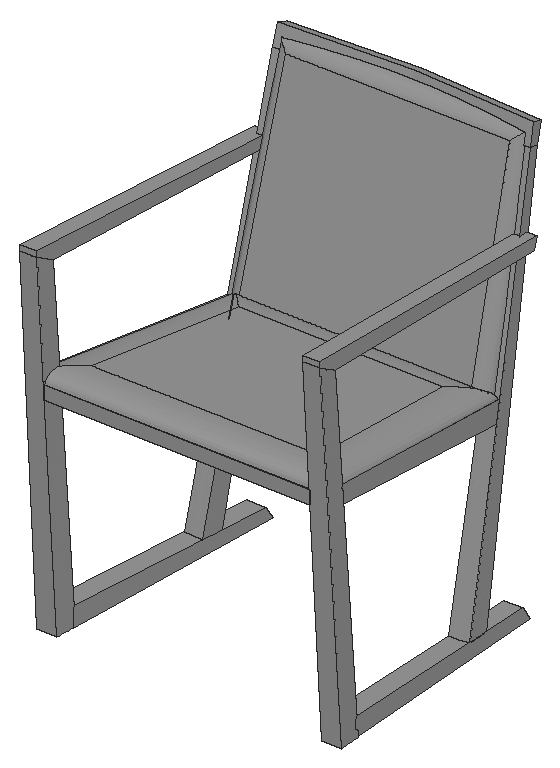
Revit family "Andreu World_Serena_ SO1346", category Mobiliario, Revit 2014
Parameters
  Wood V = Andreu World Oak Vertical
  Wood H = Andreu World Oak Horizontal
  Width = 565 mm
  Upholstery = Andreu World Fabric
  URL = "http://www.andreuworld.com"
  Seat Height = 450 mm
  Referencia = "SO-1346"  # constant formula
  Modelo = "Serena"  # constant formula
  Height = 800 mm
  Fabricante = "Andreu World"  # constant formula
  Descripción = "Armchair with upholstered seat and back and solid oak wood frame."  # constant formula
  Depth = 570 mm
  Arms Height = 655 mm
Reference planes
  plane 1 "Centro (Frontal/Posterior)": y = 0
  plane 2: z = 0
  plane 3 "Centro (Izquierda/Derecha)": x = 0
  plane 4: y = 285
  plane 5: x = -282.5
  plane 6: x = 282.5
  plane 7: y = -285
  plane 8: z = 450
  plane 9: z = 800
  plane 10: z = 655
  plane 11 "01": through (4267.2, -269.6, 428.322) normal (0, 0.1045, 0.9945)
  plane 12 "02": through (4267.2, 158.914, 350.743) normal (0, -0.9659, 0.2588)
Forms (mm)
  Blend 1, solid, material "Andreu World Oak Horizontal" <- "Wood H", detail levels medium+fine
    base sketch origin (0, 0, 0) x (1, 0, 0) y (0, 0, 1)
      loop
        line (-278.357, 36) -> (-278.357, 0) -> (-241.357, 0) -> (-241.357, 36) -> (-278.357, 36)
    top sketch origin (0, 0, 0) x (1, 0, 0) y (0, 0, 1)
      loop
        line (-253.32, 24) -> (-253.32, 0) -> (-218.32, 0) -> (-218.32, 24) -> (-253.32, 24)
    from 203.714 to -226
  Extrusion 2, void
    sketch origin (0, 0, 0) x (0, 1, 0) y (0, 0, 1)
      loop
        line (226, 0) -> (237.515, 0) -> (237.515, 31.177) -> (205.754, 31.177) -> (226, 0)
    from -266.777 to -216.192
  Blend 3, solid, material "Andreu World Oak Vertical" <- "Wood V", detail levels medium+fine
    base sketch origin (0, 0, 0) x (1, 0, 0) y (0, 1, 0)
      loop
        line (-278.357, -200.699) -> (-280.644, -239.678) -> (-243.462, -239.678) -> (-241.357, -200.699) -> (-278.357, -200.699)
    top sketch origin (0, 0, 0) x (1, 0, 0) y (0, 1, 0)
      loop
        line (-274.268, -250.491) -> (-275.376, -285) -> (-245.338, -285) -> (-244.231, -250.491) -> (-274.268, -250.491)
    from 0 to 644.904
  Blend 4, solid, material "Andreu World Oak Horizontal" <- "Wood H", detail levels medium+fine
    base sketch origin (0, 0, 0) x (1, 0, 0) y (0, 0, 1)
      loop
        line (-275.376, 655) -> (-275.376, 626.459) -> (-245.357, 626.459) -> (-245.357, 655) -> (-275.376, 655)
    top sketch origin (0, 0, 0) x (1, 0, 0) y (0, 0, 1)
      loop
        line (-259.316, 629.156) -> (-259.316, 607.25) -> (-231.417, 607.25) -> (-231.417, 629.156) -> (-259.316, 629.156)
    from 285 to -242.629
  Extrusion 5, void
    sketch origin (0, 0, 0) x (0, 1, 0) y (0, 0, 1)
      loop
        line (-285, 644.904) -> (-289.298, 644.904) -> (-289.298, 621.808) -> (-243.333, 621.808) -> (-285, 644.904)
    from -286.384 to -241.971
  Extrusion 6, void
    sketch origin (0, 0, 0) x (0, 1, 0) y (0, 0, 1)
      loop
        line (-288.801, 647.01) -> (-245.054, 622.761) -> (-245.054, 659.823) -> (-288.801, 659.823) -> (-288.801, 647.01)
    from -280.807 to -238.424
  Extrusion 7, void
    sketch origin (0, 0, 0) x (0, 1, 0) y (0, 0, 1)
      loop
        line (234.765, 631.478) -> (228.101, 604.75) -> (246.184, 604.75) -> (246.184, 631.478) -> (234.765, 631.478)
    from -271.059 to -227.974
  Blend 8, solid, material "Andreu World Oak Vertical" <- "Wood V", detail levels medium+fine
    base sketch origin (-259.857, -203.714, 36) x (1, 0, 0) y (0, 0.99961, -0.027915)
      loop
        line (33.439, 278.762) -> (35.58, 318.705) -> (0.182, 320.767) -> (-2.143, 280.834) -> (33.439, 278.762)
    top sketch origin (-259.857, -203.714, 36) x (1, 0, 0) y (0, 0.99961, -0.027915)
      loop
        line (22.386, 432.668) -> (50.939, 436.174) -> (53.133, 454.042)
        arc (53.133, 454.042) -> (38.821, 452.136) -> (24.527, 450.102) r 1604.195
        line (24.527, 450.102) -> (22.386, 432.668)
    from 0 to 738.76
  Blend 9, solid, material "Andreu World Oak Horizontal" <- "Wood H", detail levels medium+fine
    base sketch origin (0, 0, 0) x (-1, 0, 0) y (0, 0, -1)
      loop
        line (-278.357, -36) -> (-241.357, -36) -> (-241.357, 0) -> (-278.357, 0) -> (-278.357, -36)
    top sketch origin (0, 0, 0) x (-1, 0, 0) y (0, 0, -1)
      loop
        line (-253.32, -24) -> (-218.32, -24) -> (-218.32, 0) -> (-253.32, 0) -> (-253.32, -24)
    from 203.714 to -226
  Extrusion 10, void
    sketch origin (0, 0, 0) x (0, 1, 0) y (0, 0, -1)
      loop
        line (226, 0) -> (205.754, -31.177) -> (237.515, -31.177) -> (237.515, 0) -> (226, 0)
    from -266.777 to -216.192
  Blend 11, solid, material "Andreu World Oak Vertical" <- "Wood V", detail levels medium+fine
    base sketch origin (0, 0, 0) x (-1, 0, 0) y (0, -1, 0)
      loop
        line (-278.357, 200.699) -> (-241.357, 200.699) -> (-243.462, 239.678) -> (-280.644, 239.678) -> (-278.357, 200.699)
    top sketch origin (0, 0, 0) x (-1, 0, 0) y (0, -1, 0)
      loop
        line (-274.268, 250.491) -> (-244.231, 250.491) -> (-245.338, 285) -> (-275.376, 285) -> (-274.268, 250.491)
    from 0 to 644.904
  Blend 12, solid, material "Andreu World Oak Horizontal" <- "Wood H", detail levels medium+fine
    base sketch origin (0, 0, 0) x (-1, 0, 0) y (0, 0, -1)
      loop
        line (-275.376, -655) -> (-245.357, -655) -> (-245.357, -626.459) -> (-275.376, -626.459) -> (-275.376, -655)
    top sketch origin (0, 0, 0) x (-1, 0, 0) y (0, 0, -1)
      loop
        line (-259.316, -629.156) -> (-231.417, -629.156) -> (-231.417, -607.25) -> (-259.316, -607.25) -> (-259.316, -629.156)
    from 285 to -242.629
  Extrusion 13, void
    sketch origin (0, 0, 0) x (0, 1, 0) y (0, 0, -1)
      loop
        line (-285, -644.904) -> (-243.333, -621.808) -> (-289.298, -621.808) -> (-289.298, -644.904) -> (-285, -644.904)
    from -286.384 to -241.971
  Extrusion 14, void
    sketch origin (0, 0, 0) x (0, 1, 0) y (0, 0, -1)
      loop
        line (-288.801, -647.01) -> (-288.801, -659.823) -> (-245.054, -659.823) -> (-245.054, -622.761) -> (-288.801, -647.01)
    from -280.807 to -238.424
  Extrusion 15, void
    sketch origin (0, 0, 0) x (0, 1, 0) y (0, 0, -1)
      loop
        line (234.765, -631.478) -> (246.184, -631.478) -> (246.184, -604.75) -> (228.101, -604.75) -> (234.765, -631.478)
    from -271.059 to -227.974
  Blend 16, solid, material "Andreu World Oak Vertical" <- "Wood V", detail levels medium+fine
    base sketch origin (259.857, -203.714, 36) x (1, 0, 0) y (0, 0.99961, -0.027915)
      loop
        line (-33.439, 278.762) -> (2.143, 280.834) -> (-0.182, 320.767) -> (-35.58, 318.705) -> (-33.439, 278.762)
    top sketch origin (259.857, -203.714, 36) x (1, 0, 0) y (0, 0.99961, -0.027915)
      loop
        line (-22.386, 432.668) -> (-24.527, 450.102)
        arc (-24.527, 450.102) -> (-38.821, 452.136) -> (-53.133, 454.042) r 1604.195
        line (-53.133, 454.042) -> (-50.939, 436.174) -> (-22.386, 432.668)
    from 0 to 738.76
  Extrusion 17, void
    sketch origin (0, 0, 0) x (0, 1, 0) y (0, 0, 1)
      loop
        line (241.927, 763.218) -> (278.729, 753.357) -> (281.574, 763.976) -> (244.772, 773.837) -> (241.927, 763.218)
    from 202.367 to 239.883
  Extrusion 18, void
    sketch origin (0, 0, 0) x (0, 1, 0) y (0, 0, -1)
      loop
        line (241.927, -763.218) -> (244.772, -773.837) -> (281.574, -763.976) -> (278.729, -753.357) -> (241.927, -763.218)
    from 202.367 to 239.883
  Revolve 19, solid, material "Andreu World Oak Horizontal" <- "Wood H", detail levels medium+fine
    sketch origin (0, 3.598, -1.286) x (0, 1, 0) y (0, 0, 1)
      loop
        line (263.08, 757.55) -> (279.731, 753.089) -> (289.701, 790.3) -> (273.051, 794.761) -> (263.08, 757.55)
      axis (-1175.838, 1182.99) -> (-1185.808, 1145.779)
    angle from 10 to -10
  Extrusion 20, void
    sketch origin (0, 0, 0) x (1, 0, 0) y (0, 1, 0)
      loop
        line (-238.955, 238.855) -> (-233.333, 278.855) -> (-273.333, 278.855) -> (-273.333, 238.855) -> (-238.955, 238.855)
      loop
        line (238.955, 238.855) -> (273.333, 238.855) -> (273.333, 278.855) -> (233.333, 278.855) -> (238.955, 238.855)
    from 742.711 to 814.763
  Extrusion 21, solid, material "Andreu World Oak Horizontal" <- "Wood H", detail levels medium+fine
    sketch origin (0, 0, 0) x (0, 1, 0) y (0, 0, 1)
      loop
        line (-269.707, 427.289) -> (-267.927, 401.964) -> (-231.438, 398.129) -> (-233.395, 423.472) -> (-269.707, 427.289)
    from -245 to 245
  Blend 22, solid, material "Andreu World Oak Horizontal" <- "Wood H", detail levels medium+fine
    base sketch origin (0, 0, 0) x (1, 0, 0) y (0, 0, 1)
      loop
        line (-275.836, 397.616) -> (-244.619, 397.616) -> (-244.711, 429.459) -> (-275.634, 429.459) -> (-275.836, 397.616)
    top sketch origin (0, 0, 0) x (1, 0, 0) y (0, 0, 1)
      loop
        line (-248.975, 350.016) -> (-216.562, 350.016) -> (-216.562, 387.123) -> (-248.975, 387.123) -> (-248.975, 350.016)
    from 233.395 to -161.683
  Blend 23, solid, material "Andreu World Oak Horizontal" <- "Wood H", detail levels medium+fine
    base sketch origin (0, 0, 0) x (-1, 0, 0) y (0, 0, -1)
      loop
        line (-275.836, -397.616) -> (-275.634, -429.459) -> (-244.711, -429.459) -> (-244.619, -397.616) -> (-275.836, -397.616)
    top sketch origin (0, 0, 0) x (-1, 0, 0) y (0, 0, -1)
      loop
        line (-248.975, -350.016) -> (-248.975, -387.123) -> (-216.562, -387.123) -> (-216.562, -350.016) -> (-248.975, -350.016)
    from 233.395 to -161.683
  Extrusion 24, solid, material "Andreu World Fabric" <- "Upholstery", detail levels medium+fine
    sketch origin (0, 41.581, 395.616) x (0, -0.994522, 0.104528) y (1, 0, 0)
      loop
        line (-61.47, -184.205) -> (251.561, -206.382) -> (251.561, 212.42) -> (-61.47, 190.243) -> (-61.47, -184.205)
    from 0 to 23.963
  Sweep 25, solid, material "Andreu World Fabric" <- "Upholstery", detail levels medium+fine
    path origin (0, 44.086, 419.448) x (0, -0.994522, 0.104528) y (1, 0, 0)
      loop
        line (251.561, -206.382) -> (251.561, 212.42) -> (-61.47, 190.243) -> (-61.47, -184.205) -> (251.561, -206.382)
    profile origin (3.019, -206.097, 445.743) x (0, 0.994522, -0.104528) y (0, 0.104528, 0.994522)
      loop
        spline (0, 0) -> (-9.423, -0.194) -> (-18.071, -0.765) -> (-25.936, -1.7) -> (-33.01, -2.982) -> (-39.282, -4.597) -> (-44.744, -6.53) -> (-49.387, -8.766) -> (-53.202, -11.289) -> (-56.179, -14.086) -> (-58.311, -17.14) -> (-59.588, -20.438) -> (-60, -23.963)
        line (-60, -23.963) -> (0, -23.963) -> (0, 0)
  Extrusion 26, solid, material "Andreu World Fabric" <- "Upholstery", detail levels medium+fine
    sketch origin (0, 60.583, -16.233) x (0, -0.258819, -0.965926) y (1, 0, 0)
      loop
        line (-799.516, 204.017) -> (-799.516, -206.915) -> (-405.242, -216.052) -> (-405.242, 213.154) -> (-799.516, 204.017)
    from 4.974 to 26.586
  Sweep 27, solid, material "Andreu World Fabric" <- "Upholstery", detail levels medium+fine
    path origin (0, 34.903, -9.352) x (0, -0.258819, -0.965926) y (1, 0, 0)
      loop
        line (-799.516, 204.017) -> (-799.516, -206.915) -> (-405.242, -216.052) -> (-405.242, 213.154) -> (-799.516, 204.017)
    profile origin (-1.449, 241.833, 762.921) x (0, -0.258819, -0.965926) y (0, -0.965926, 0.258819)
      loop
        spline (0, 0) -> (-3.042, -0.232) -> (-6.123, -0.898) -> (-9.183, -1.953) -> (-12.167, -3.353) -> (-15.015, -5.053) -> (-17.671, -7.007) -> (-20.076, -9.172) -> (-22.173, -11.503) -> (-23.905, -13.954) -> (-25.213, -16.482) -> (-26.04, -19.04) -> (-26.328, -21.586)
        line (-26.328, -21.586) -> (0, -21.586) -> (0, 0)
Cuts and joins
  Extrusion 2, Extrusion 10 cuts Blend 1
  Extrusion 5, Extrusion 7, Extrusion 13, Extrusion 14, Extrusion 15 cuts Blend 4
  Extrusion 6, Extrusion 13, Extrusion 14 cuts Blend 3
  Extrusion 10 cuts Blend 9
  Extrusion 13, Extrusion 15 cuts Blend 12
  Extrusion 15, Extrusion 18 cuts Blend 8
  Extrusion 14 cuts Blend 11
  Extrusion 17, Extrusion 18 cuts Blend 16
  Extrusion 20 cuts Revolve 19
  joined: Extrusion 24, Sweep 25
  joined: Extrusion 26, Sweep 27
Lines and regions (mm)
  model lines
    curve 1: line (-216.052, 139.787, 382.082) -> (213.154, 139.787, 382.082)
  model lines, detail levels coarse+medium
    curve 2: line (280.399, -238.761, 0) -> (253.32, 226, 0)
    curve 3: line (218.32, 226, 0) -> (253.32, 226, 0)
    curve 4: line (218.32, 226, 0) -> (243.285, -239.678, 0)
    curve 5: spline (233.762, 275.801, 0) -> (195.04, 281.14, 0) -> (156.188, 285.514, 0) -> (117.232, 288.918, 0) -> (78.198, 291.352, 0) -> (39.112, 292.813, 0) -> (0, 293.3, 0) -> (-39.112, 292.813, 0) -> (-78.198, 291.352, 0) -> (-117.232, 288.918, 0) -> (-156.188, 285.514, 0) -> (-195.04, 281.14, 0) -> (-233.762, 275.801, 0)
    curve 6: line (233.762, 275.801, 0) -> (240.761, 226, 0)
    curve 7: line (-222.942, 139.787, 0) -> (222.942, 139.787, 0)
    curve 8: line (-244.953, -269.707, 0) -> (244.466, -269.707, 0)
    curve 9: line (242.74, -240.076, 0) -> (245.357, -285, 0)
    curve 10: line (283.017, -283.685, 0) -> (280.399, -238.761, 0)
    curve 11: line (-233.762, 275.801, 0) -> (-236.664, 226, 0)
    curve 12: line (245.357, -285, 0) -> (283.017, -283.685, 0)
    curve 13: line (-280.399, -238.761, 0) -> (-253.32, 226, 0)
    curve 14: line (-218.32, 226, 0) -> (-253.32, 226, 0)
    curve 15: line (-218.32, 226, 0) -> (-243.285, -239.678, 0)
    curve 16: line (-242.74, -240.076, 0) -> (-245.357, -285, 0)
    curve 17: line (-283.017, -283.685, 0) -> (-280.399, -238.761, 0)
    curve 18: line (-245.357, -285, 0) -> (-283.017, -283.685, 0)
    curve 19: line (-244.953, -264.707, 0) -> (244.466, -264.707, 0)
    curve 20: line (-224.442, 267.174, 0) -> (-226.681, 225.418, 0)
    curve 21: line (235.152, 265.912, 0) -> (-234.338, 265.912, 0)
    curve 22: line (224.898, 267.023, 0) -> (230.859, 224.608, 0)
Dimensions and locks
  "Width": plane 5 to plane 6
  equal spacing: plane 5, plane 3 "Centro (Izquierda/Derecha)", plane 6
  "Depth": plane 4 to plane 7
  equal spacing: plane 4, plane 1 "Centro (Frontal/Posterior)", plane 7
  "Seat Height": plane 8 to level
  "Arms Height": plane 10 to level
  "Height": plane 9 to level
  aligned and locked: level to plane 2
  aligned and locked: Sweep 25 sketch curve to Extrusion 24  (x4)
  aligned and locked: curve 1 to Extrusion 26
  aligned and locked: Sweep 27 sketch curve to Extrusion 26  (x3)
  aligned and locked: curve 3 to cut or joined group of Blend 9, Extrusion 10
  aligned and locked: curve 4 to cut or joined group of Blend 9, Extrusion 10
  aligned and locked: curve 6 to cut or joined group of Revolve 19, Extrusion 20
  aligned and locked: curve 7 to curve 1
  aligned and locked: Extrusion 21 to curve 8
Automatic sketch dimensions
  Blend 1 sketch curve to level = 0 mm  (x2)
  plane 5 to Blend 1 sketch curve = 4.143 mm
  Blend 1 sketch curve to Blend 1 sketch curve = 37 mm
  level to Blend 1 sketch curve = 36 mm
  plane 5 to Blend 1 sketch curve = 29.18 mm
  Blend 1 sketch curve to Blend 1 sketch curve = 35 mm
  level to Blend 1 sketch curve = 24 mm
  Extrusion 2 sketch curve to level = 0 mm
  level to Extrusion 2 sketch curve = 31.177 mm
  Extrusion 2 sketch curve to plane 4 = 79.246 mm
  Extrusion 2 sketch curve to Extrusion 2 sketch curve = 20.246 mm
  Extrusion 2 sketch curve to Extrusion 2 sketch curve = 11.515 mm
  plane 5 to Blend 3 sketch curve = 1.856 mm
  plane 5 to Blend 3 sketch curve = 4.143 mm
  Blend 3 sketch curve to Blend 3 sketch curve = 37.183 mm
  Blend 3 sketch curve to Blend 3 sketch curve = 37 mm
  plane 7 to Blend 3 sketch curve = 45.322 mm
  Blend 3 sketch curve to Blend 3 sketch curve = 38.979 mm
  Blend 3 sketch curve to plane 7 = 0 mm
  plane 5 to Blend 3 sketch curve = 7.124 mm
  plane 5 to Blend 3 sketch curve = 8.232 mm
  Blend 3 sketch curve to Blend 3 sketch curve = 30.037 mm  (x2)
  plane 7 to Blend 3 sketch curve = 34.509 mm
  Blend 4 sketch curve to plane 10 = 0 mm
  plane 5 to Blend 4 sketch curve = 7.124 mm
  Blend 4 sketch curve to Blend 4 sketch curve = 30.018 mm
  Blend 4 sketch curve to plane 10 = 28.541 mm
  plane 5 to Blend 4 sketch curve = 23.184 mm
  Blend 4 sketch curve to Blend 4 sketch curve = 27.899 mm
  Blend 4 sketch curve to plane 10 = 47.75 mm
  Blend 4 sketch curve to Blend 4 sketch curve = 21.906 mm
  Extrusion 5 sketch curve to plane 7 = 0 mm
  Extrusion 5 sketch curve to plane 7 = 4.298 mm
  plane 7 to Extrusion 5 sketch curve = 41.667 mm
  Extrusion 5 sketch curve to plane 10 = 33.192 mm
  Extrusion 5 sketch curve to plane 10 = 10.096 mm
  Extrusion 6 sketch curve to plane 7 = 3.801 mm
  plane 10 to Extrusion 6 sketch curve = 4.823 mm
  plane 7 to Extrusion 6 sketch curve = 39.946 mm
  Extrusion 6 sketch curve to plane 10 = 7.99 mm
  Extrusion 6 sketch curve to plane 10 = 32.239 mm
  Extrusion 7 sketch curve to plane 4 = 56.899 mm
  Extrusion 7 sketch curve to Extrusion 7 sketch curve = 6.664 mm
  Extrusion 7 sketch curve to Extrusion 7 sketch curve = 11.419 mm
  Extrusion 7 sketch curve to plane 10 = 50.25 mm
  Extrusion 7 sketch curve to plane 10 = 23.522 mm
  Blend 8 sketch curve to Blend 1 = 0 mm  (x2)
  Blend 1 to Blend 8 sketch curve = 0 mm  (x2)
  Blend 1 to Blend 8 sketch curve = 149.047 mm
  Blend 1 to Blend 8 sketch curve = 109.115 mm
  Blend 8 sketch curve to Blend 1 = 2.787 mm
  Blend 8 sketch curve to Blend 1 = 15.66 mm
  Blend 8 sketch curve to Blend 1 = 20.22 mm
  Blend 8 sketch curve to Blend 8 sketch curve = 2.141 mm
  Blend 8 sketch curve to Blend 1 = 6.293 mm
  Blend 8 sketch curve to Blend 8 sketch curve = 28.553 mm
  Blend 8 sketch curve to Blend 1 = 24.161 mm
  Blend 8 sketch curve to Blend 8 sketch curve = 2.194 mm
  Blend 8 sketch curve to Blend 1 = 1137.054 mm
  Blend 9 sketch curve to level = 0 mm  (x2)
  plane 6 to Blend 9 sketch curve = 4.143 mm
  Blend 9 sketch curve to Blend 9 sketch curve = 37 mm
  Blend 9 sketch curve to Blend 9 sketch curve = 36 mm
  plane 6 to Blend 9 sketch curve = 29.18 mm
  Blend 9 sketch curve to Blend 9 sketch curve = 35 mm
  Blend 9 sketch curve to Blend 9 sketch curve = 24 mm
  Extrusion 10 sketch curve to level = 0 mm
  level to Extrusion 10 sketch curve = 31.177 mm
  Extrusion 10 sketch curve to plane 4 = 79.246 mm
  Extrusion 10 sketch curve to Extrusion 10 sketch curve = 20.246 mm
  Extrusion 10 sketch curve to Extrusion 10 sketch curve = 11.515 mm
  plane 6 to Blend 11 sketch curve = 1.856 mm
  plane 6 to Blend 11 sketch curve = 4.143 mm
  Blend 11 sketch curve to Blend 11 sketch curve = 37.183 mm
  Blend 11 sketch curve to Blend 11 sketch curve = 37 mm
  Blend 11 sketch curve to plane 7 = 45.322 mm
  Blend 11 sketch curve to Blend 11 sketch curve = 38.979 mm
  Blend 11 sketch curve to plane 7 = 0 mm
  plane 6 to Blend 11 sketch curve = 7.124 mm
  plane 6 to Blend 11 sketch curve = 8.232 mm
  Blend 11 sketch curve to Blend 11 sketch curve = 30.037 mm  (x2)
  Blend 11 sketch curve to plane 7 = 34.509 mm
  Blend 12 sketch curve to plane 10 = 0 mm
  plane 6 to Blend 12 sketch curve = 7.124 mm
  Blend 12 sketch curve to Blend 12 sketch curve = 30.018 mm
  plane 10 to Blend 12 sketch curve = 28.541 mm
  plane 6 to Blend 12 sketch curve = 23.184 mm
  Blend 12 sketch curve to Blend 12 sketch curve = 27.899 mm
  plane 10 to Blend 12 sketch curve = 47.75 mm
  Blend 12 sketch curve to Blend 12 sketch curve = 21.906 mm
  Extrusion 13 sketch curve to plane 7 = 0 mm
  Extrusion 13 sketch curve to plane 7 = 4.298 mm
  plane 7 to Extrusion 13 sketch curve = 41.667 mm
  Extrusion 13 sketch curve to plane 10 = 10.096 mm
  Extrusion 13 sketch curve to Extrusion 13 sketch curve = 23.096 mm
  Extrusion 14 sketch curve to plane 7 = 3.801 mm
  plane 10 to Extrusion 14 sketch curve = 4.823 mm
  plane 7 to Extrusion 14 sketch curve = 39.946 mm
  Extrusion 14 sketch curve to plane 10 = 7.99 mm
  Extrusion 14 sketch curve to plane 10 = 32.239 mm
  Extrusion 15 sketch curve to plane 4 = 56.899 mm
  Extrusion 15 sketch curve to Extrusion 15 sketch curve = 6.664 mm
  Extrusion 15 sketch curve to Extrusion 15 sketch curve = 11.419 mm
  Extrusion 15 sketch curve to plane 10 = 23.522 mm
  Extrusion 15 sketch curve to Extrusion 15 sketch curve = 26.728 mm
  Blend 9 to Blend 16 sketch curve = 0 mm  (x2)
  Blend 16 sketch curve to Blend 9 = 0 mm  (x2)
  Blend 9 to Blend 16 sketch curve = 111.176 mm
  Blend 9 to Blend 16 sketch curve = 151.119 mm
  Blend 16 sketch curve to Blend 9 = 1137.054 mm
  Blend 9 to Blend 16 sketch curve = 299.722 mm
  Blend 16 sketch curve to Blend 9 = 24.161 mm
  Blend 16 sketch curve to Blend 16 sketch curve = 204.583 mm
  Blend 16 sketch curve to Blend 9 = 6.293 mm
  Blend 16 sketch curve to Blend 16 sketch curve = 2.194 mm
  Blend 16 sketch curve to Blend 9 = 20.22 mm
  Blend 16 sketch curve to Blend 9 = 2.787 mm
  Blend 16 sketch curve to Blend 16 sketch curve = 2.141 mm
  Extrusion 17 sketch curve to plane 4 = 43.073 mm
  Extrusion 17 sketch curve to plane 9 = 26.163 mm
  Extrusion 17 sketch curve to Extrusion 17 sketch curve = 2.845 mm
  Extrusion 17 sketch curve to plane 4 = 6.271 mm
  Extrusion 17 sketch curve to plane 9 = 36.024 mm
  Extrusion 18 sketch curve to plane 4 = 43.073 mm
  Extrusion 18 sketch curve to plane 9 = 26.163 mm
  Extrusion 18 sketch curve to Extrusion 18 sketch curve = 2.845 mm
  Extrusion 18 sketch curve to plane 4 = 6.271 mm
  Extrusion 18 sketch curve to plane 9 = 36.024 mm
  Revolve 19 sketch curve to plane 4 = 18.321 mm
  Revolve 19 sketch curve to plane 4 = 8.351 mm
  Revolve 19 sketch curve to plane 4 = 1.671 mm
  Revolve 19 sketch curve to plane 9 = 48.197 mm
  Revolve 19 sketch curve to Revolve 19 sketch curve = 4.461 mm
  plane 9 to Revolve 19 sketch curve = 381.704 mm
  Revolve 19 sketch curve to plane 7 = 887.239 mm
  plane 9 to Revolve 19 sketch curve = 82.267 mm
  Revolve 19 sketch curve to Revolve 19 sketch curve = 80.234 mm
  plane 5 to Extrusion 20 sketch curve = 9.167 mm
  Extrusion 20 sketch curve to Extrusion 20 sketch curve = 34.378 mm
  Extrusion 20 sketch curve to plane 4 = 6.145 mm  (x2)
  Extrusion 20 sketch curve to Extrusion 20 sketch curve = 40 mm  (x3)
  Extrusion 20 sketch curve to plane 6 = 49.167 mm
  Extrusion 20 sketch curve to Extrusion 20 sketch curve = 5.622 mm
  Extrusion 20 sketch curve to plane 6 = 9.167 mm
  plane 7 to Extrusion 21 sketch curve = 15.293 mm
  plane 7 to Extrusion 21 sketch curve = 17.073 mm
  Extrusion 21 sketch curve to Extrusion 21 sketch curve = 36.312 mm
  Extrusion 21 sketch curve to Extrusion 21 sketch curve = 1.957 mm
  Extrusion 21 sketch curve to plane 8 = 51.871 mm
  Extrusion 21 sketch curve to Extrusion 21 sketch curve = 3.835 mm
  Extrusion 21 sketch curve to Extrusion 21 sketch curve = 25.343 mm
  Extrusion 21 sketch curve to plane 8 = 22.711 mm
  plane 5 to Blend 22 sketch curve = 6.664 mm
  plane 5 to Blend 22 sketch curve = 6.866 mm
  Blend 22 sketch curve to Blend 22 sketch curve = 30.922 mm
  Blend 22 sketch curve to Blend 22 sketch curve = 31.217 mm
  Blend 22 sketch curve to plane 8 = 52.384 mm
  Blend 22 sketch curve to plane 8 = 20.541 mm
  plane 5 to Blend 22 sketch curve = 33.525 mm
  Blend 22 sketch curve to Blend 22 sketch curve = 32.413 mm
  Blend 22 sketch curve to plane 8 = 99.984 mm
  Blend 22 sketch curve to Blend 22 sketch curve = 37.107 mm
  plane 6 to Blend 23 sketch curve = 6.664 mm
  plane 6 to Blend 23 sketch curve = 6.866 mm
  Blend 23 sketch curve to Blend 23 sketch curve = 30.922 mm
  Blend 23 sketch curve to Blend 23 sketch curve = 31.217 mm
  plane 8 to Blend 23 sketch curve = 52.384 mm
  plane 8 to Blend 23 sketch curve = 20.541 mm
  plane 6 to Blend 23 sketch curve = 33.525 mm
  Blend 23 sketch curve to Blend 23 sketch curve = 32.413 mm
  plane 8 to Blend 23 sketch curve = 99.984 mm
  Blend 23 sketch curve to Blend 23 sketch curve = 37.107 mm
  Extrusion 24 sketch curve to plane 6 = 92.257 mm
  Extrusion 24 sketch curve to plane 6 = 70.08 mm
  Extrusion 24 sketch curve to Extrusion 24 sketch curve = 313.031 mm
  plane 5 to Extrusion 24 sketch curve = 98.295 mm
  plane 5 to Extrusion 24 sketch curve = 76.118 mm
  Sweep 25 sketch curve to profile plane = 0 mm  (x2)
  Sweep 25 sketch curve to profile plane = 23.963 mm
  profile plane to Sweep 25 sketch curve = 60 mm
  Extrusion 26 sketch curve to plane 6 = 78.483 mm
  plane 5 to Extrusion 26 sketch curve = 75.585 mm
  Extrusion 26 sketch curve to plane 6 = 69.346 mm
  plane 5 to Extrusion 26 sketch curve = 66.448 mm
  Extrusion 26 sketch curve to Extrusion 26 sketch curve = 394.274 mm
  Sweep 27 sketch curve to Extrusion 26 = 0 mm  (x2)
  Sweep 27 sketch curve to profile plane = 0 mm  (x2)
  profile plane to Sweep 27 sketch curve = 26.328 mm
  Sweep 27 sketch curve to profile plane = 21.586 mm
  curve 1 to Extrusion 26 = 0 mm  (x2)
  curve 16 to plane 7 = 0 mm
  curve 5 to plane 3 "Centro (Izquierda/Derecha)" = 0 mm
  curve 12 to plane 7 = 0 mm
  plane 5 to curve 15 = 64.18 mm
  curve 11 to plane 4 = 9.199 mm
  plane 5 to curve 11 = 48.738 mm
  plane 5 to curve 18 = 37.143 mm
  plane 5 to curve 14 = 29.18 mm
  plane 5 to curve 13 = 2.101 mm
  curve 17 to plane 5 = 0.517 mm
  curve 12 to plane 6 = 37.143 mm
  curve 6 to curve 2 = 12.558 mm
  curve 10 to plane 6 = 2.101 mm
  plane 6 to curve 10 = 0.517 mm
  plane 7 to curve 10 = 1.315 mm
  plane 7 to curve 18 = 1.315 mm
  curve 8 to curve 16 = 29.63 mm
  curve 8 to curve 9 = 29.63 mm
  curve 16 to curve 13 = 1.315 mm
  curve 15 to curve 5 = 49.801 mm
  curve 7 to curve 14 = 4.622 mm
  curve 20 to plane 4 = 17.826 mm
  curve 5 to curve 20 = 9.32 mm
  curve 20 to curve 14 = 8.361 mm
  curve 21 to curve 11 = 0.576 mm
  curve 11 to curve 20 = 9.983 mm
  curve 15 to curve 16 = 0.545 mm
  curve 16 to curve 8 = 0.404 mm
  curve 19 to curve 8 = 0 mm  (x2)
  curve 5 to plane 5 = 1234.738 mm
  curve 22 to plane 4 = 17.977 mm
  curve 22 to curve 21 = 10.254 mm
  curve 22 to curve 6 = 9.903 mm
  curve 9 to curve 4 = 0.545 mm
  curve 5 to plane 7 = 887.239 mm
  curve 8 to curve 19 = 5 mm
  curve 22 to curve 6 = 1.392 mm
  curve 20 to curve 14 = 0.582 mm
  curve 19 to curve 16 = 2.213 mm
  curve 9 to curve 2 = 37.659 mm
  curve 4 to curve 10 = 0.917 mm
